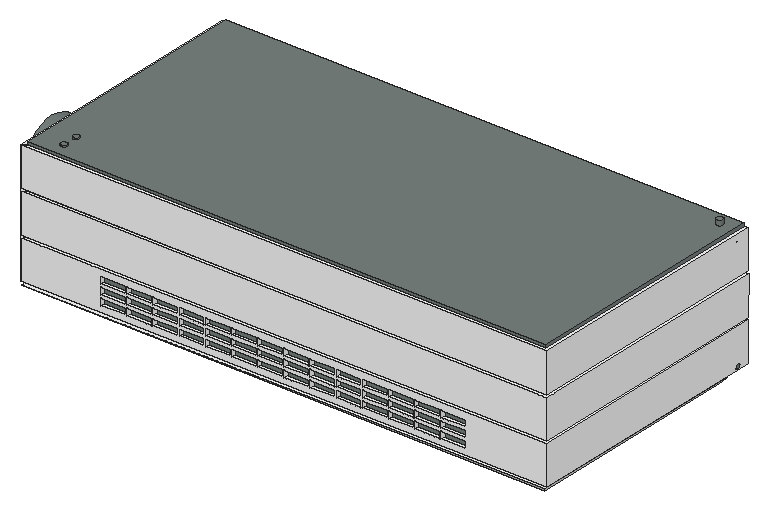
Revit family "AM 800 HBDE", category Mechanical Equipment, Revit 2019
Family settings
  Round Connector Dimension = Use Diameter
  Part Type = Normal
  OmniClass Number = 23.75.00.00
  OmniClass Title = Climate Control (HVAC)
  Work Plane-Based = No
  Always vertical = Yes
  Cut with Voids When Loaded = No
  Shared = No
  Room Calculation Point = No
Parameters
  Weight (Standard Unit) = 108  # constant formula
  Water Heater Surface Return = 10 mm  # constant formula
  Water Heater Surface IN = 10 mm  # constant formula
  Version = "1.0"
  URL = "www.airmaster-as.com"
  Total Width = 1910 mm  # constant formula
  Total Hight = 474 mm  # constant formula
  Top Panel [instance] = yes
  T-C Duct Exhaust = 252 mm  # constant formula
  T-C Duct Supply = 252 mm  # constant formula
  Suply Air In = 315 mm  # constant formula
  Return Air Duct = 250 mm  # constant formula
  R-C Duct Exhaust = 222 mm  # constant formula
  Phase 1 - Max Power Consumption = "4035 W"
  Phase 1 - Max Current = "12 A"
  Nominal current, electrical preheating surface = "6,5 A"
  Nominal current, electrical comfort heating surface = "4,4 A"
  Nominal current, air handling unit = "1,1 A"
  Network Conection = "AWG 24 CAT 5e STP"
  Model = "AM 800 HBDE"
  Middle Panel [instance] = yes
  Max. flow rate 35 dB(A) with ePM10 80% filters = 580.00 m³  # constant formula
  Max. flow rate 35 dB(A) with ePM10 55% filters = 653.00 m³  # constant formula
  Max. flow rate 35 dB(A) with ePM10 50% filters = 725.00 m³  # constant formula
  Max. flow rate 30 dB(A) with ePM10 80% filters = 520.00 m³  # constant formula
  Max. flow rate 30 dB(A) with ePM10 55% filters = 585.00 m³  # constant formula
  Max. flow rate 30 dB(A) with ePM10 50% filters = 650.00 m³  # constant formula
  Manufacturer = "Airmaster A/S"
  Maintenance [instance] = no
  L-C Duct ESupply = 255 mm  # constant formula
  Exhaust Air = 315 mm  # constant formula
  Total Depth = 916 mm  # constant formula
  Electrical connection = "1 ~ 230 V / N / PE / 50 Hz"
  Drawn By = "LSB"
  DE Panel Small = no
  DE Palen [instance] = yes
  Condensate = 9 mm  # constant formula
  Buttom Panel [instance] = yes
  BMS Panel = "(PTS) 2x2x0,6"
  BMS Out = "(PTS) 2x2x0,6"
  BMS IN = "(PTS) 2x2x0,6"
  Airflow area [instance] = no
  Air flow area [instance] = Airflow
Reference planes
  plane 1 "Center (Front/Back)": y = 0
  plane 2: z = 0
  plane 3 "Center (Left/Right)": x = 0
  plane 4 "Center L/S": y = -916
  plane 5 "Center L/T": x = -955
  plane 6 "Center L/U": x = 955
  plane 7 "TOP": z = 474
  plane 8 "Center L/V": x = -940
  plane 9 "Center L/W": y = -901
  plane 10 "Center L/X": x = 940
  plane 11 "Panel Buttom": z = 23
  plane 12 "Panel Top": z = 164.5
  plane 13 "Hatch": z = 14.5
  plane 14 "Center L/Z": z = 173.414
  plane 15 "Center L/AA": z = 314.914
  plane 16 "Center L/BB": z = 324.414
  plane 17 "Center L/CC": z = 465.914
Forms (mm)
  Extrusion 1, solid, material "AM Grey"
    sketch origin (0, 0, 0) x (1, 0, 0) y (0, 1, 0)
      loop
        line (-940, 0) -> (-940, -901) -> (940, -901) -> (940, 0) -> (-940, 0)
    from 14.5 to 474
  Extrusion 2, solid, material "AM White", visible <- "DE Panel Small"
    sketch origin (794.5, -1524, 23) x (0, -1, 0) y (-1, 0, 0)
      loop
        line (-1524, 1749.5) -> (-1524, 1734.5) -> (-623, 1734.5) -> (-608, 1749.5) -> (-1524, 1749.5)
    from 0 to -141.5
  Blend 3, solid, material "AM White"
    base sketch origin (-790.646, -1524, 14.5) x (0, -1, 0) y (1, 0, 0)
      loop
        line (-608, -157.387) -> (-608, 1738.657) -> (-1435.677, 1738.657) -> (-1435.677, -157.387) -> (-608, -157.387)
    top sketch origin (-790.646, -1524, 14.5) x (0, -1, 0) y (1, 0, 0)
      loop
        line (-623, -146.037) -> (-623, 1727.646) -> (-1424.161, 1727.646) -> (-1424.161, -146.037) -> (-623, -146.037)
    from 0 to -14.5
  Extrusion 4, void
    sketch origin (1055.25, -916, 23) x (1, 0, 0) y (0, 0, -1)
      loop
        line (-1717.75, -118) -> (-1627.75, -118) -> (-1627.75, -93) -> (-1717.75, -93) -> (-1717.75, -118)
      loop
        line (-1717.75, -83) -> (-1627.75, -83) -> (-1627.75, -58) -> (-1717.75, -58) -> (-1717.75, -83)
      loop
        line (-1717.75, -48) -> (-1627.75, -48) -> (-1627.75, -23) -> (-1717.75, -23) -> (-1717.75, -48)
      loop
        line (-1622.75, -118) -> (-1532.75, -118) -> (-1532.75, -93) -> (-1622.75, -93) -> (-1622.75, -118)
      loop
        line (-1622.75, -83) -> (-1532.75, -83) -> (-1532.75, -58) -> (-1622.75, -58) -> (-1622.75, -83)
      loop
        line (-1622.75, -48) -> (-1532.75, -48) -> (-1532.75, -23) -> (-1622.75, -23) -> (-1622.75, -48)
      loop
        line (-1527.75, -118) -> (-1437.75, -118) -> (-1437.75, -93) -> (-1527.75, -93) -> (-1527.75, -118)
      loop
        line (-1527.75, -83) -> (-1437.75, -83) -> (-1437.75, -58) -> (-1527.75, -58) -> (-1527.75, -83)
      loop
        line (-1527.75, -48) -> (-1437.75, -48) -> (-1437.75, -23) -> (-1527.75, -23) -> (-1527.75, -48)
      loop
        line (-1432.75, -118) -> (-1342.75, -118) -> (-1342.75, -93) -> (-1432.75, -93) -> (-1432.75, -118)
      loop
        line (-1432.75, -83) -> (-1342.75, -83) -> (-1342.75, -58) -> (-1432.75, -58) -> (-1432.75, -83)
      loop
        line (-1432.75, -48) -> (-1342.75, -48) -> (-1342.75, -23) -> (-1432.75, -23) -> (-1432.75, -48)
      loop
        line (-1337.75, -118) -> (-1247.75, -118) -> (-1247.75, -93) -> (-1337.75, -93) -> (-1337.75, -118)
      loop
        line (-1337.75, -83) -> (-1247.75, -83) -> (-1247.75, -58) -> (-1337.75, -58) -> (-1337.75, -83)
      loop
        line (-1337.75, -48) -> (-1247.75, -48) -> (-1247.75, -23) -> (-1337.75, -23) -> (-1337.75, -48)
      loop
        line (-1242.75, -118) -> (-1152.75, -118) -> (-1152.75, -93) -> (-1242.75, -93) -> (-1242.75, -118)
      loop
        line (-1242.75, -83) -> (-1152.75, -83) -> (-1152.75, -58) -> (-1242.75, -58) -> (-1242.75, -83)
      loop
        line (-1242.75, -48) -> (-1152.75, -48) -> (-1152.75, -23) -> (-1242.75, -23) -> (-1242.75, -48)
      loop
        line (-1147.75, -118) -> (-1057.75, -118) -> (-1057.75, -93) -> (-1147.75, -93) -> (-1147.75, -118)
      loop
        line (-1147.75, -83) -> (-1057.75, -83) -> (-1057.75, -58) -> (-1147.75, -58) -> (-1147.75, -83)
      loop
        line (-1147.75, -48) -> (-1057.75, -48) -> (-1057.75, -23) -> (-1147.75, -23) -> (-1147.75, -48)
      loop
        line (-1052.75, -118) -> (-962.75, -118) -> (-962.75, -93) -> (-1052.75, -93) -> (-1052.75, -118)
      loop
        line (-1052.75, -83) -> (-962.75, -83) -> (-962.75, -58) -> (-1052.75, -58) -> (-1052.75, -83)
      loop
        line (-1052.75, -48) -> (-962.75, -48) -> (-962.75, -23) -> (-1052.75, -23) -> (-1052.75, -48)
      loop
        line (-957.75, -118) -> (-867.75, -118) -> (-867.75, -93) -> (-957.75, -93) -> (-957.75, -118)
      loop
        line (-957.75, -83) -> (-867.75, -83) -> (-867.75, -58) -> (-957.75, -58) -> (-957.75, -83)
      loop
        line (-957.75, -48) -> (-867.75, -48) -> (-867.75, -23) -> (-957.75, -23) -> (-957.75, -48)
      loop
        line (-862.75, -118) -> (-772.75, -118) -> (-772.75, -93) -> (-862.75, -93) -> (-862.75, -118)
      loop
        line (-862.75, -83) -> (-772.75, -83) -> (-772.75, -58) -> (-862.75, -58) -> (-862.75, -83)
      loop
        line (-862.75, -48) -> (-772.75, -48) -> (-772.75, -23) -> (-862.75, -23) -> (-862.75, -48)
      loop
        line (-767.75, -118) -> (-677.75, -118) -> (-677.75, -93) -> (-767.75, -93) -> (-767.75, -118)
      loop
        line (-767.75, -83) -> (-677.75, -83) -> (-677.75, -58) -> (-767.75, -58) -> (-767.75, -83)
      loop
        line (-767.75, -48) -> (-677.75, -48) -> (-677.75, -23) -> (-767.75, -23) -> (-767.75, -48)
      loop
        line (-672.75, -118) -> (-582.75, -118) -> (-582.75, -93) -> (-672.75, -93) -> (-672.75, -118)
      loop
        line (-672.75, -83) -> (-582.75, -83) -> (-582.75, -58) -> (-672.75, -58) -> (-672.75, -83)
      loop
        line (-672.75, -48) -> (-582.75, -48) -> (-582.75, -23) -> (-672.75, -23) -> (-672.75, -48)
      loop
        line (-577.75, -118) -> (-487.75, -118) -> (-487.75, -93) -> (-577.75, -93) -> (-577.75, -118)
      loop
        line (-577.75, -83) -> (-487.75, -83) -> (-487.75, -58) -> (-577.75, -58) -> (-577.75, -83)
      loop
        line (-577.75, -48) -> (-487.75, -48) -> (-487.75, -23) -> (-577.75, -23) -> (-577.75, -48)
      loop
        line (-482.75, -118) -> (-392.75, -118) -> (-392.75, -93) -> (-482.75, -93) -> (-482.75, -118)
      loop
        line (-482.75, -83) -> (-392.75, -83) -> (-392.75, -58) -> (-482.75, -58) -> (-482.75, -83)
      loop
        line (-482.75, -48) -> (-392.75, -48) -> (-392.75, -23) -> (-482.75, -23) -> (-482.75, -48)
    from 0 to 15
  Extrusion 5, solid, material "AM Grey"
    sketch origin (940, 0, 0) x (0, -1, 0) y (0, 0, -1)
      loop
        circle (48.75, -36.414) r 8
    from 0 to 15
  Extrusion 6, solid, material "AM Grey"
    sketch origin (-940, -878.072, 0.549) x (0, 1, 0) y (0, 0, -1)
      loop
        arc (97.447, -426.641) -> (85.619, -415.215) -> (74.05, -426.903) r 11.7
        arc (74.05, -426.903) -> (85.881, -438.614) -> (97.447, -426.641) r 11.7
    from 0 to 2
  Extrusion 7, solid, material "AM Grey"
    sketch origin (-940, -892.224, 0.658) x (0, 1, 0) y (0, 0, -1)
      loop
        arc (56.677, -428.239) -> (46.918, -415.112) -> (33.131, -423.914) r 12
        arc (33.131, -423.914) -> (42.582, -438.717) -> (56.677, -428.239) r 12
    from 0 to 2
  Extrusion 8, solid, material "AM Grey"
    sketch origin (-940, 0, 0) x (1, 0, 0) y (0, 0, -1)
      loop
        circle (1673, -222) r 157.5
    from 0 to 55
  Extrusion 9, solid, material "AM Grey"
    sketch origin (-785, 0, 0) x (1, 0, 0) y (0, 0, -1)
      loop
        circle (85, -222) r 157.5
    from 0 to 55
  Extrusion 10, solid, material "AM Grey"
    sketch origin (-1697.474, 21.256, 474) x (1, 0, 0) y (0, 1, 0)
      loop
        arc (848.662, -826.53) -> (848, -804.55) -> (847.338, -826.53) r 11
        line (847.338, -826.53) -> (848.662, -826.53)
    from 0 to 2
  Extrusion 11, solid, material "AM Grey"
    sketch origin (-1697.474, 6.881, 474) x (1, 0, 0) y (0, 1, 0)
      loop
        arc (848.662, -867.28) -> (848, -845.3) -> (847.338, -867.28) r 11
        line (847.338, -867.28) -> (848.662, -867.28)
    from 0 to 2
  Extrusion 12, solid, material "Maintenece", visible <- "Maintenance"
    sketch origin (-790.646, -1524, 0) x (1, 0, 0) y (0, -1, 0)
      loop
        line (-164.354, -1524) -> (1745.646, -1524) -> (1745.646, -608) -> (-164.354, -608) -> (-164.354, -1524)
    from 0 to 1200
  Extrusion 13, solid, material "AM Grey"
    sketch origin (0, 0, 474) x (1, 0, 0) y (0, 1, 0)
      loop
        arc (880.766, -33.956) -> (876.81, -38.388) -> (875.622, -44.209) r 11.4
        arc (875.622, -44.209) -> (897.19, -48.612) -> (880.766, -33.956) r 11.4
    from 0 to 15
  Extrusion 14, solid, material "AM Grey"
    sketch origin (940, 0, 0) x (0, -1, 0) y (0, 0, -1)
      loop
        circle (47.646, -447.784) r 8
    from 0 to 15
  Extrusion 15, solid, material "AM Grey"
    sketch origin (-940, 0, 0) x (1, 0, 0) y (0, 0, -1)
      loop
        circle (1813, -35) r 12
    from 0 to 15
  Extrusion 16, solid, material "AM White", visible <- "Middle Panel"
    sketch origin (794.5, -1524, 173.414) x (0, -1, 0) y (-1, 0, 0)
      loop
        line (-608, -160.5) -> (-608, 1749.5) -> (-623, 1734.5) -> (-623, -145.5) -> (-1524, -145.5) -> (-1524, -160.5) -> (-608, -160.5)
    from 0 to -141.5
  Extrusion 17, solid, material "AM White", visible <- "Top Panel"
    sketch origin (794.5, -1524, 324.414) x (0, -1, 0) y (-1, 0, 0)
      loop
        line (-608, -160.5) -> (-608, 1749.5) -> (-623, 1734.5) -> (-623, -145.5) -> (-1524, -145.5) -> (-1524, -160.5) -> (-608, -160.5)
    from 0 to -141.5
  Extrusion 18, solid, material "AM White"
    sketch origin (0, 0, 14.5) x (0, 1, 0) y (1, 0, 0)
      loop
        line (0, 940) -> (-88.323, 940) -> (-88.323, -940) -> (0, -940) -> (0, 940)
    from 0 to 3
  Extrusion 19, solid, material "AM Grey"
    sketch origin (-955, 0, 23) x (0, -1, 0) y (0, 0, 1)
      loop
        circle (699, 299) r 125
    from 0 to 58
  Extrusion 20, solid, material "AM White", visible <- "Buttom Panel"
    sketch origin (794.5, -1524, 23) x (0, -1, 0) y (-1, 0, 0)
      loop
        line (-608, -160.5) -> (-608, 1749.5) -> (-623, 1734.5) -> (-623, -145.5) -> (-1524, -145.5) -> (-1524, -160.5) -> (-608, -160.5)
    from 0 to -141.5
  Extrusion 21, solid, material "AM White", visible <- "DE Palen"
    sketch origin (794.5, -1524, 23) x (0, -1, 0) y (-1, 0, 0)
      loop
        line (-1524, 1749.5) -> (-1524, 1734.5) -> (-623, 1734.5) -> (-608, 1749.5) -> (-1524, 1749.5)
    from 0 to -442.914
Cuts and joins
  Extrusion 4 cuts Extrusion 1
  Extrusion 4 cuts Extrusion 2
  Extrusion 4 cuts Extrusion 20
Lines and regions (mm)
  model lines
    curve 1: line (-955, 0, 0) -> (-955, -916, 0)
    curve 2: line (-940, -901, 0) -> (-940, 0, 0)
    curve 3: line (-940, 0, 0) -> (-955, 0, 0)
    curve 4: line (-940, -901, 0) -> (-955, -916, 0)
Dimensions and locks
  "Total Depth": plane 4 "Center L/S" to plane 1 "Center (Front/Back)"
  equal spacing: plane 5 "Center L/T", plane 3 "Center (Left/Right)", plane 6 "Center L/U"
  "Total Width": plane 5 "Center L/T" to plane 6 "Center L/U"
  "Total Hight": plane 7 "TOP" to level
  locked: plane 10 "Center L/X" to plane 6 "Center L/U" at 15
  locked: plane 4 "Center L/S" to plane 9 "Center L/W" at 15
  locked: plane 5 "Center L/T" to plane 8 "Center L/V" at 15
  Extrusion 1 to Blend 3 sketch curve = 99.839 mm
  "R-C Duct Exhaust": plane 6 "Center L/U" to Extrusion 8 sketch curve
  "T-C Duct Exhaust": Extrusion 8 sketch curve to cut or joined group of Extrusion 1, Extrusion 4
  "T-C Duct Supply": Extrusion 9 sketch curve to plane 7 "TOP"
  "L-C Duct ESupply": Extrusion 9 sketch curve to plane 5 "Center L/T"
  Extrusion 15 sketch curve to plane 5 "Center L/T" = 1828 mm
  Extrusion 15 sketch curve to plane 7 "TOP" = 439 mm
  plane 1 "Center (Front/Back)" to Extrusion 19 sketch curve = 699 mm
  plane 7 "TOP" to Extrusion 19 sketch curve = 152 mm
  "Return Air Duct": diameter of Extrusion 19 sketch curve
  aligned and locked: level to plane 2
  aligned and locked: plane 1 "Center (Front/Back)" to Extrusion 1 sketch curve
  aligned and locked: Extrusion 1 sketch curve to plane 8 "Center L/V"
  aligned and locked: Extrusion 1 sketch curve to plane 9 "Center L/W"
  aligned and locked: Extrusion 1 sketch curve to plane 10 "Center L/X"
  aligned and locked: plane 7 "TOP" to Extrusion 1
  aligned and locked: plane 5 "Center L/T" to Extrusion 2 sketch curve
  aligned and locked: Extrusion 2 sketch curve to Extrusion 1
  aligned and locked: Extrusion 2 to plane 12 "Panel Top"
  aligned and locked: Blend 3 to plane 2
  aligned and locked: Extrusion 1 to plane 13 "Hatch"
  aligned and locked: Extrusion 12 sketch curve to cut or joined group of Extrusion 2, Extrusion 4  (x2)
  aligned and locked: Extrusion 16 to plane 15 "Center L/AA"
  aligned and locked: Extrusion 17 to plane 17 "Center L/CC"
Automatic sketch dimensions
  plane 1 "Center (Front/Back)" to Extrusion 2 sketch curve = 0 mm
  Extrusion 2 sketch curve to plane 9 "Center L/W" = 0 mm
  plane 4 "Center L/S" to Extrusion 2 sketch curve = 0 mm
  plane 4 "Center L/S" to Blend 3 sketch curve = 0 mm
  Blend 3 sketch curve to plane 6 "Center L/U" = 6.989 mm
  plane 1 "Center (Front/Back)" to Blend 3 sketch curve = 88.323 mm
  plane 5 "Center L/T" to Blend 3 sketch curve = 6.967 mm
  Blend 3 sketch curve to plane 9 "Center L/W" = 0 mm
  plane 8 "Center L/V" to Blend 3 sketch curve = 3.316 mm
  Blend 3 sketch curve to plane 10 "Center L/X" = 3 mm
  plane 12 "Panel Top" to Extrusion 4 sketch curve = 23.5 mm  (x2)
  plane 8 "Center L/V" to Extrusion 4 sketch curve = 277.5 mm
  Extrusion 4 sketch curve to Extrusion 4 sketch curve = 0 mm  (x86)
  Extrusion 4 sketch curve to Extrusion 4 sketch curve = 90 mm  (x13)
  Extrusion 4 sketch curve to Extrusion 4 sketch curve = 5 mm  (x36)
  Extrusion 4 sketch curve to plane 3 "Center (Left/Right)" = 2.5 mm  (x3)
  plane 3 "Center (Left/Right)" to Extrusion 4 sketch curve = 2.5 mm  (x3)
  Extrusion 4 sketch curve to Extrusion 4 sketch curve = 25 mm  (x10)
  Extrusion 4 sketch curve to Extrusion 4 sketch curve = 10 mm  (x9)
  Extrusion 4 sketch curve to plane 11 "Panel Buttom" = 23 mm  (x5)
  Extrusion 1 to Extrusion 5 sketch curve = 21.914 mm
  Extrusion 1 to Extrusion 5 sketch curve = 48.75 mm
  Extrusion 6 sketch curve to Extrusion 6 sketch curve = 0 mm  (x2)
  Extrusion 1 to Extrusion 6 sketch curve = 46.537 mm
  Extrusion 6 sketch curve to Extrusion 1 = 108.678 mm
  Extrusion 6 sketch curve to Extrusion 6 sketch curve = 11.7 mm
  Extrusion 6 sketch curve to Extrusion 6 sketch curve = 11.697 mm
  Extrusion 6 sketch curve to Extrusion 6 sketch curve = 0.011 mm
  Extrusion 7 sketch curve to Extrusion 7 sketch curve = 0 mm  (x2)
  Extrusion 7 sketch curve to Extrusion 1 = 53.526 mm
  Extrusion 1 to Extrusion 7 sketch curve = 46.428 mm
  Extrusion 7 sketch curve to Extrusion 7 sketch curve = 11.619 mm
  Extrusion 7 sketch curve to Extrusion 7 sketch curve = 11.927 mm
  Extrusion 7 sketch curve to Extrusion 7 sketch curve = 1.325 mm
  Extrusion 10 sketch curve to Extrusion 1 = 89.864 mm
  Extrusion 10 sketch curve to Extrusion 10 sketch curve = 0.662 mm
  Extrusion 10 sketch curve to Extrusion 1 = 95.726 mm
  Extrusion 10 sketch curve to Extrusion 10 sketch curve = 10.98 mm
  Extrusion 11 sketch curve to Extrusion 1 = 89.864 mm
  Extrusion 11 sketch curve to Extrusion 11 sketch curve = 0.662 mm
  Extrusion 11 sketch curve to Extrusion 1 = 40.601 mm
  Extrusion 11 sketch curve to Extrusion 11 sketch curve = 10.98 mm
  Extrusion 12 sketch curve to Blend 3 = 18 mm
  Extrusion 12 sketch curve to Blend 3 = 15 mm
  Extrusion 13 sketch curve to Extrusion 13 sketch curve = 0 mm  (x2)
  Extrusion 13 sketch curve to Extrusion 1 = 53 mm
  Extrusion 13 sketch curve to Extrusion 1 = 43.5 mm
  Extrusion 13 sketch curve to Extrusion 13 sketch curve = 6.234 mm
  Extrusion 13 sketch curve to Extrusion 13 sketch curve = 11.378 mm
  Extrusion 13 sketch curve to Extrusion 13 sketch curve = 0.709 mm
  Extrusion 1 to Extrusion 14 sketch curve = 47.646 mm
  Extrusion 1 to Extrusion 14 sketch curve = 26.216 mm
  Extrusion 18 sketch curve to Extrusion 1 = 0 mm  (x2)
  Extrusion 1 to Extrusion 18 sketch curve = 0 mm
  Extrusion 1 to Extrusion 18 sketch curve = 88.323 mm
  curve 2 to Blend 3 = 0 mm
  curve 1 to Blend 3 = 18.316 mm
  curve 1 to Blend 3 = 99.839 mm
  curve 4 to Blend 3 = 15 mm
  curve 3 to Blend 3 = 3.316 mm
  plane 1 "Center (Front/Back)" to Extrusion 20 sketch curve = 0 mm
  plane 4 "Center L/S" to Extrusion 20 sketch curve = 0 mm
  Extrusion 20 sketch curve to plane 8 "Center L/V" = 0 mm
  Extrusion 20 sketch curve to plane 10 "Center L/X" = 0 mm
  Extrusion 20 sketch curve to plane 6 "Center L/U" = 0 mm
  Extrusion 20 sketch curve to plane 5 "Center L/T" = 0 mm
  plane 9 "Center L/W" to Extrusion 20 sketch curve = 0 mm
  plane 1 "Center (Front/Back)" to Extrusion 16 sketch curve = 0 mm
  plane 4 "Center L/S" to Extrusion 16 sketch curve = 0 mm
  Extrusion 16 sketch curve to plane 5 "Center L/T" = 0 mm
  Extrusion 16 sketch curve to plane 10 "Center L/X" = 0 mm
  Extrusion 16 sketch curve to plane 6 "Center L/U" = 0 mm
  plane 9 "Center L/W" to Extrusion 16 sketch curve = 0 mm
  Extrusion 16 sketch curve to plane 8 "Center L/V" = 0 mm
  plane 1 "Center (Front/Back)" to Extrusion 17 sketch curve = 0 mm
  plane 4 "Center L/S" to Extrusion 17 sketch curve = 0 mm
  Extrusion 17 sketch curve to plane 8 "Center L/V" = 0 mm
  Extrusion 17 sketch curve to plane 10 "Center L/X" = 0 mm
  Extrusion 17 sketch curve to plane 6 "Center L/U" = 0 mm
  plane 9 "Center L/W" to Extrusion 17 sketch curve = 0 mm
  Extrusion 17 sketch curve to plane 5 "Center L/T" = 0 mm
  plane 1 "Center (Front/Back)" to Extrusion 21 sketch curve = 0 mm
  Extrusion 21 sketch curve to plane 8 "Center L/V" = 0 mm
  Extrusion 21 sketch curve to plane 9 "Center L/W" = 0 mm
  plane 4 "Center L/S" to Extrusion 21 sketch curve = 0 mm
  Extrusion 21 sketch curve to plane 5 "Center L/T" = 0 mm
  radius of Extrusion 5 sketch curve = 8 mm
  radius of Extrusion 8 sketch curve = 157.5 mm
  radius of Extrusion 9 sketch curve = 157.5 mm
  radius of Extrusion 14 sketch curve = 8 mm
  radius of Extrusion 15 sketch curve = 12 mm
Nested families
  nested 1: "Model Label 2019" at (0, -361.924, 0), Label <- "Model", type "Model Label 2019"
    with Label "AM 800 HBDE"
  nested 2: "indblæssymbol" at (11.742, -966, 0) x (0, -1, 0) z (0, 0, 1), type "indblæssymbol"
    with dX_ 609 mm, dX 609 mm, ang2D 0.00°
Connectors
  piping at (-942, -847.32, 426.735), diameter 10, driven by "Water Heater Surface IN"
    settings: on Extrusion 7, index 6, connector inside diameter 609.6 mm, connector length 0 mm, flow factor 0, pipe flow 0.0 L/s, pressure drop 0.0 Pa, fitting loss kfactor 0, connector angle 0.00°, fixture units 0, engagement length 0 mm, angle of deflection 0.00°, flow configuration 0, flow direction 1, fitting loss method 0, system type 7, joint type 0, gender type 0, connector reference index -1, connector utility 0, adjustable connector no, is connector primary yes, connector description ""
  piping at (-942, -792.324, 427.321), diameter 10, driven by "Water Heater Surface Return"
    settings: on Extrusion 6, index 7, connector inside diameter 609.6 mm, connector length 0 mm, flow factor 0, pipe flow 0.0 L/s, pressure drop 0.0 Pa, fitting loss kfactor 0, connector angle 0.00°, fixture units 0, engagement length 0 mm, angle of deflection 0.00°, flow configuration 0, flow direction 2, fitting loss method 0, system type 8, joint type 0, gender type 0, connector reference index -1, connector utility 0, adjustable connector no, is connector primary no, connector description ""
  piping at (-849.474, -860.399, 476), diameter 10, driven by "Water Heater Surface IN"
    settings: on Extrusion 11, index 11, connector inside diameter 609.6 mm, connector length 0 mm, flow factor 0, pipe flow 0.0 L/s, pressure drop 0.0 Pa, fitting loss kfactor 0, connector angle 0.00°, fixture units 0, engagement length 0 mm, angle of deflection 0.00°, flow configuration 0, flow direction 0, fitting loss method 0, system type 19, joint type 0, gender type 0, connector reference index -1, connector utility 0, adjustable connector no, is connector primary no, connector description ""
  piping at (-849.474, -805.274, 476), diameter 10, driven by "Water Heater Surface Return"
    settings: on Extrusion 10, index 12, connector inside diameter 609.6 mm, connector length 0 mm, flow factor 0, pipe flow 0.0 L/s, pressure drop 0.0 Pa, fitting loss kfactor 0, connector angle 0.00°, fixture units 0, engagement length 0 mm, angle of deflection 0.00°, flow configuration 0, flow direction 0, fitting loss method 0, system type 19, joint type 0, gender type 0, connector reference index -1, connector utility 0, adjustable connector no, is connector primary no, connector description ""
  electrical at (955, -47.646, 447.784)
    settings: on Extrusion 14, index 13, voltage 230 V, apparent load 0 VA, apparent load phase1 0 VA, apparent load phase2 0 VA, apparent load phase3 0 VA, power factor 0.56, load classification "Other", number of poles 1, system type 30, power factor state 1, is connector primary yes, connector utility no, sub classification motor no, connector description ""
  electrical at (878.194, -39.082, 489)
    settings: on Extrusion 13, index 14, voltage 230 V, apparent load 0 VA, apparent load phase1 0 VA, apparent load phase2 0 VA, apparent load phase3 0 VA, power factor 0.56, load classification "Other", number of poles 1, system type 30, power factor state 1, is connector primary no, connector utility no, sub classification motor no, connector description ""
  piping at (955, -48.75, 36.414), diameter 9, driven by "Condensate"
    settings: on Extrusion 5, index 15, connector inside diameter 609.6 mm, connector length 0 mm, flow factor 0, pipe flow 0.0 L/s, pressure drop 0.0 Pa, fitting loss kfactor 0, connector angle 0.00°, fixture units 0, engagement length 0 mm, angle of deflection 0.00°, flow configuration 0, flow direction 0, fitting loss method 0, system type 16, joint type 0, gender type 0, connector reference index -1, connector utility 0, adjustable connector no, is connector primary no, connector description ""
  piping at (873, 15, 35), diameter 9, driven by "Condensate"
    settings: on Extrusion 15, index 16, connector inside diameter 609.6 mm, connector length 0 mm, flow factor 0, pipe flow 0.0 L/s, pressure drop 0.0 Pa, fitting loss kfactor 0, connector angle 0.00°, fixture units 0, engagement length 0 mm, angle of deflection 0.00°, flow configuration 0, flow direction 0, fitting loss method 0, system type 16, joint type 0, gender type 0, connector reference index -1, connector utility 0, adjustable connector no, is connector primary no, connector description ""
  hvac at (-955, -699, 322), driven by "Return Air Duct"
    settings: on Extrusion 19, index 17, duct flow 0.0 L/s, flow factor 0, pres drop 0.0 Pa, loss coef 0, conn angle 0.00°, conn width 304.8 mm, conn height 304.8 mm, conn diameter 250 mm, duct sys type 2, conn prof type 0, flow config 0, flow direction 1, loss method 0, conn ref index -1, conn util no, is conn primary yes, conn desc ""
  hvac at (-700, 0, 222), driven by "Suply Air In"
    settings: on Extrusion 9, index 18, duct flow 0.0 L/s, flow factor 0, pres drop 0.0 Pa, loss coef 0, conn angle 0.00°, conn width 304.8 mm, conn height 304.8 mm, conn diameter 315 mm, duct sys type 1, conn prof type 0, flow config 0, flow direction 1, loss method 0, conn ref index -1, conn util no, is conn primary no, conn desc ""
  hvac at (733, 0, 222), driven by "Exhaust Air"
    settings: on Extrusion 8, index 19, duct flow 0.0 L/s, flow factor 0, pres drop 0.0 Pa, loss coef 0, conn angle 0.00°, conn width 304.8 mm, conn height 304.8 mm, conn diameter 315 mm, duct sys type 3, conn prof type 0, flow config 0, flow direction 2, loss method 0, conn ref index -1, conn util no, is conn primary no, conn desc ""
Definition of nested family "Model Label 2019"
  Parameters (values of type "Model Label 2019")
    Label [instance] = ""
  Reference planes
    plane 1: y = 0
    plane 2: x = 0
  Text (mm)
    label "Label" at (-0.131, 0.049, 0), shows "Label"
Definition of nested family "indblæssymbol"
  Parameters (values of type "indblæssymbol")
    dX_ [instance] = if(dX = 0 mm, 1 mm, dX)  # 609 mm
    dX [instance] = 609 mm
    ang2D [instance] = 0.00°
    Type Comments = "DO NOT CHANGE dX value from 608 mm ( 2 ft )"
    Afstand pil = 50 mm
  Reference planes
    plane 1 "Center (Front/Back)": y = 0
    plane 2: z = 0
    plane 3 "Center (Left/Right)": x = 0
  Lines and regions (mm)
    Filled region 1, type "Concrete", in view "Ref. Level"
      outline origin (50.005, 0, 0) x (1, 0, 0) y (0, 1, 0)
        loop
          line (399.995, 0.414) -> (301.442, 17.365) -> (301.588, -17.365) -> (399.995, 0.414)
    reference lines, in view "Ref. Level"
      curve 1: line (50, 134.129, 0) -> (50, -145.871, 0)
    detail lines, in view "Ref. Level"
      curve 2: line (351.52, 0, 0) -> (50, 0, 0)
  Dimensions and locks
    "Afstand pil": plane 3 "Center (Left/Right)" to curve 1
    curve 1 to Filled region 1 = 400 mm
  Automatic sketch dimensions
    Filled region 1 sketch curve to plane 1 "Center (Front/Back)" = 0.414 mm
    plane 3 "Center (Left/Right)" to Filled region 1 sketch curve = 450 mm
    plane 1 "Center (Front/Back)" to Filled region 1 sketch curve = 17.365 mm
    Filled region 1 sketch curve to Filled region 1 sketch curve = 98.407 mm
    Filled region 1 sketch curve to plane 1 "Center (Front/Back)" = 17.365 mm
    Filled region 1 sketch curve to Filled region 1 sketch curve = 0.146 mm
    plane 1 "Center (Front/Back)" to curve 2 = 0 mm
    plane 3 "Center (Left/Right)" to curve 2 = 50 mm
    curve 2 to curve 2 = 301.52 mm
    plane 1 "Center (Front/Back)" to curve 1 = 145.871 mm
    curve 1 to plane 1 "Center (Front/Back)" = 134.129 mm
